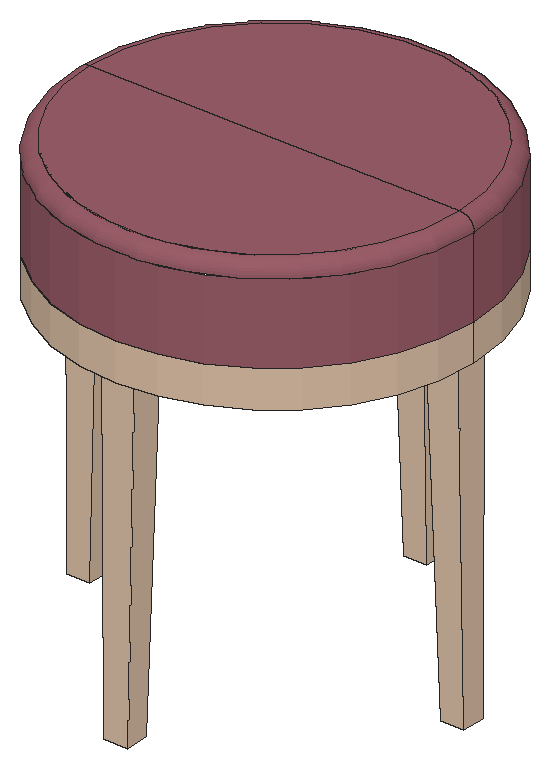
Revit family "FU_Stool_Sandler_POUF 1-0", category Furniture, Revit 2020
Family settings
  OmniClass Number = 23.21.23.15.17
  Work Plane-Based = Yes
  Always vertical = No
  Cut with Voids When Loaded = No
  Shared = No
  Room Calculation Point = No
Parameters (values of type "POUF 1.0")
  Youtube clip = ""
  Uniformat II Description = "Movable Furnishings"
  Uniformat II Code = ""
  Uniclass 2015 Name = ""
  Uniclass 2015 Code = ""
  Uniclass 2.0 Description = ""
  Uniclass 2.0 Code = ""
  Uniclass 1.4 Description = ""
  Uniclass 1.4 Code = ""
  UNSPSC Code = ""
  Technical description = ""
  Shell Material [instance] = Fabric - X2 - Subtract AK013
  Frame Material [instance] = Wood - Beech - Timber
  Region South America = "All"
  Region Oceania = "All"
  Region North America = "All"
  Region Middle East = "All"
  Region Europe = "All"
  Region Asia = "All"
  Region Antarctica = "All"
  Region Africa = "All"
  QR code = "https://www.sandlerseating.com/product/pouf-1-0/"
  Product url = "https://www.sandlerseating.com/product/pouf-1-0/"
  Product name = "POUF 1.0"
  Product group = "Chair"
  Product family = "Furniture"
  Product data url = "https://www.sandlerseating.com/product/pouf-1-0/"
  Product certification = ""
  Product SKU = "??"
  Product Guid = "??"
  OmniClass Description = ""
  OmniClass Code = "23-21 23 15 17"
  NBS Reference Description = ""
  NBS Reference Code = ""
  Model = "POUF 1.0"
  Masterformat 2014 Description = "Chair Mats"
  Masterformat 2014 Code = "12 48 43.13"
  Manufacturer name = "Sandler"
  Manufacturer country = "USA"
  Manufacturer = "Sandler"
  Installation instructions = ""
  IFC Classification = "Furnishing Element"
  GTIN code = ""
  Edition number = 1
  Design country = "Brasil"
  Description = "Upholstered footrest with beech frame and generous padding. Indoor use only."
  Default Elevation = 0.000 mm
  Date of publishing = ""
  COBIe Type Category = ""
  Brand url = "https://www.sandlerseating.com/"
  BIMobject main category code = "furniture"
  BIMobject main category = "Furniture"
  BIMobject category code = "furniture-chair"
  BIMobject category = "Chair"
Reference planes
  plane 1 "Center Front/Back": y = 0
  plane 2: z = 0
  plane 3 "Center Left/Right": x = 0
  plane 4: y = 212.5
  plane 5: y = -212.5
  plane 6: x = 212.5
  plane 7: x = -212.5
  plane 8: z = 485
  plane 9: z = 385
  plane 10: z = 345
Forms (mm)
  Revolve 1, solid, material "Fabric - X2 - Subtract AK013" <- "Shell Material"
    sketch origin (0, 0, 0) x (1, 0, 0) y (0, 0, 1)
      loop
        line (0, 485) -> (-197.5, 485)
        arc (-197.5, 485) -> (-208.107, 480.607) -> (-212.5, 470) r 15
        line (-212.5, 470) -> (-212.5, 385) -> (0, 385) -> (0, 485)
      axis (0, 385) -> (0, 485)
    angle from 0 to 360
  Revolve 2, solid, material "Wood - Beech - Timber" <- "Frame Material"
    sketch origin (0, 0, 0) x (1, 0, 0) y (0, 0, 1)
      loop
        line (-177.5, 385) -> (-212.5, 385) -> (-212.5, 345) -> (-177.5, 345) -> (-177.5, 385)
      axis (0, 385) -> (0, 345)
    angle from 0 to 360
  Blend 3, solid, material "Wood - Beech - Timber" <- "Frame Material"
    base sketch origin (-187.5, 3.943, 840) x (1, 0, 0) y (0, 1, 0)
      loop
        line (205, 205) -> (170, 205) -> (170, 170) -> (205, 170) -> (205, 205)
    top sketch origin (-187.5, 3.943, 840) x (1, 0, 0) y (0, 1, 0)
      loop
        line (200, 208.125) -> (175, 208.125) -> (175, 183.125) -> (200, 183.125) -> (200, 208.125)
    from -455 to -840
  Blend 4, solid, material "Wood - Beech - Timber" <- "Frame Material"
    base sketch origin (3.943, 187.5, 840) x (0, -1, 0) y (1, 0, 0)
      loop
        line (205, 205) -> (170, 205) -> (170, 170) -> (205, 170) -> (205, 205)
    top sketch origin (3.943, 187.5, 840) x (0, -1, 0) y (1, 0, 0)
      loop
        line (200, 208.125) -> (175, 208.125) -> (175, 183.125) -> (200, 183.125) -> (200, 208.125)
    from -455 to -840
  Blend 5, solid, material "Wood - Beech - Timber" <- "Frame Material"
    base sketch origin (187.5, -3.943, 840) x (-1, 0, 0) y (0, -1, 0)
      loop
        line (205, 205) -> (170, 205) -> (170, 170) -> (205, 170) -> (205, 205)
    top sketch origin (187.5, -3.943, 840) x (-1, 0, 0) y (0, -1, 0)
      loop
        line (200, 208.125) -> (175, 208.125) -> (175, 183.125) -> (200, 183.125) -> (200, 208.125)
    from -455 to -840
  Blend 6, solid, material "Wood - Beech - Timber" <- "Frame Material"
    base sketch origin (-3.943, -187.5, 840) x (0, 1, 0) y (-1, 0, 0)
      loop
        line (205, 205) -> (170, 205) -> (170, 170) -> (205, 170) -> (205, 205)
    top sketch origin (-3.943, -187.5, 840) x (0, 1, 0) y (-1, 0, 0)
      loop
        line (200, 208.125) -> (175, 208.125) -> (175, 183.125) -> (200, 183.125) -> (200, 208.125)
    from -455 to -840
Dimensions and locks
  aligned and locked: level to plane 2
